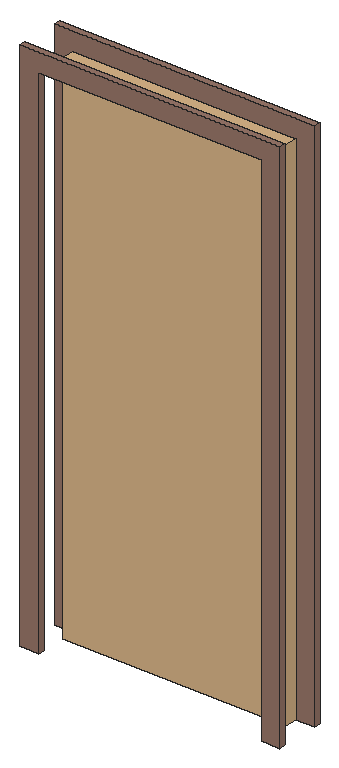
Revit family "Single-Flush", category Doors, host Wall, Revit 2023
Family settings
  Host = Wall
  OmniClass Number = 23.30.10.00
  OmniClass Title = Doors
  Always vertical = Yes
  Cut with Voids When Loaded = Yes
  Shared = Yes
  Room Calculation Point = Yes
Parameters (values of type "36" x 84"")
  Visual Light Transmittance = 0
  Thickness = 0' - 2"
  Thermal Resistance (R) = 1.5338 (h·ft²·°F)/BTU
  Solar Heat Gain Coefficient = 0
  Define Thermal Properties by = Schematic Type
  Construction Type Id = "MDOOR"
  Heat Transfer Coefficient (U) = 0.651978 BTU/(h·ft²·°F)
  Function = Interior
  Assembly Code = "C1020"
  Door Material = Door - Panel
  Frame Material = Door - Frame
  Height = 7' - 0"
  Trim Projection Ext = 0' - 1"
  Trim Projection Int = 0' - 1"
  Trim Width = 0' - 3"
  Wall Closure = By host
  Width = 3' - 0"
  Analytic Construction = "Metal"
Types (7): name | Height | Width
  36" x 84" | 7' - 0" | 3' - 0"
  34" x 84" | 7' - 0" | 2' - 10"
  32" x 84" | 7' - 0" | 2' - 8"
  30" x 84" | 7' - 0" | 2' - 6"
  30" x 80" | 6' - 8" | 2' - 6"
  36" x 80" | 6' - 8" | 3' - 0"
  34" x 80" | 6' - 8" | 2' - 10"
Reference planes (in)
  plane 1: y = 0
  plane 2: z = 0
  plane 3: x = 0
  plane 4: x = -18
  plane 5: x = 18
  plane 6: z = 84
Forms (in)
  Extrusion 1, solid, material "Door - Panel" <- "Door Material"
    sketch origin (0, 0, 0) x (1, 0, 0) y (0, 0, 1)
      loop
        line (-18, 84) -> (-18, 0) -> (18, 0) -> (18, 84) -> (-18, 84)
    from -3 to -1
  Extrusion 2, solid, material "Door - Frame" <- "Frame Material"
    sketch origin (-60, -3, 0) x (1, 0, 0) y (0, 0, 1)
      loop
        line (39, 87) -> (39, 0) -> (42, 0) -> (42, 84) -> (78, 84) -> (78, 0) -> (81, 0) -> (81, 87) -> (39, 87)
    from 0 to 1
  Extrusion 3, solid, material "Door - Frame" <- "Frame Material"
    sketch origin (-60, 3, 0) x (-1, 0, 0) y (0, 0, 1)
      loop
        line (-81, 87) -> (-81, 0) -> (-78, 0) -> (-78, 84) -> (-42, 84) -> (-42, 0) -> (-39, 0) -> (-39, 87) -> (-81, 87)
    from 0 to 1
Lines and regions (in)
  Opening 1
    outline origin (-60, -3, 144) x (0, 0, -1) y (1, 0, 0)
      loop
        line (60, 42) -> (144, 42) -> (144, 78) -> (60, 78) -> (60, 42)
  symbolic lines, style "DoorsPanelProjection"
    curve 1: line (18, 3, 0) -> (16, 3, 0)
    curve 2: line (18, 3, 0) -> (18, 39.0111, 0)
    curve 3: line (18, 39.0111, 0) -> (16, 39.0111, 0)
    curve 4: line (16, 3, 0) -> (16, 39.0111, 0)
  model lines, style "DoorsFrameMullionProjection"
    curve 5: line (-21, -3, 0) -> (-21, -3, 87)
    curve 6: line (-21, -3, 87) -> (21, -3, 87)
    curve 7: line (21, -3, 87) -> (21, -3, 0)
    curve 8: line (21, 3, 0) -> (21, 3, 87)
    curve 9: line (-21, 3, 87) -> (21, 3, 87)
    curve 10: line (-21, 3, 87) -> (-21, 3, 0)
  symbolic lines, style "Plan Swing"
    curve 11: arc (16, 39.0111, 0) -> (-8.2005, 27.78574, 0) -> (-18.06659, 3, 0) r 36.06659
  symbolic lines, style "Elevation Swing"
    curve 12: line (-18, 0, 84) -> (18, 0, 42)
    curve 13: line (-18, 0, 0) -> (18, 0, 42)
Dimensions and locks (in)
  equal spacing: plane 4, plane 3, plane 5
  "Width": plane 4 to plane 5
  locked: host wall to curve 1
  control icon elem to plane 5 = 0' - 10.29952"
  "Height": plane 6 to plane 2
  "Trim Width": plane 4 to curve 5
  "Trim Width": plane 5 to curve 7
  "Trim Width": plane 6 to curve 6
  locked: curve 9 to host wall
  "Trim Projection Ext": Extrusion 3 to host wall
  "Trim Projection Int": Extrusion 2 to host wall
  "Thickness": curve 4 to plane 5
  "Thickness": Extrusion 1 to host wall
  equal spacing: plane 6, curve 13, level
  aligned and locked: host wall to Extrusion 1
  aligned and locked: plane 2 to curve 5
  aligned and locked: curve 7 to level
  aligned and locked: curve 8 to curve 7
  aligned and locked: curve 6 to Extrusion 2 sketch curve
  aligned and locked: Extrusion 2 sketch curve to curve 5
  aligned and locked: Extrusion 2 sketch curve to curve 7
  aligned and locked: Extrusion 2 to Extrusion 3 sketch curve
  aligned and locked: Extrusion 3 sketch curve to Extrusion 2  (x2)
Automatic sketch dimensions
  Opening 1 sketch curve to plane 6 = 0' - 0"
  Opening 1 sketch curve to level = 0' - 0"
  Opening 1 sketch curve to plane 4 = 0' - 0"
  Opening 1 sketch curve to plane 5 = 0' - 0"
  Extrusion 1 sketch curve to plane 4 = 0' - 0"
  Extrusion 1 sketch curve to plane 5 = 0' - 0"
  Extrusion 1 sketch curve to level = 0' - 0"
  Extrusion 1 sketch curve to plane 6 = 0' - 0"
  Extrusion 2 sketch curve to level = 0' - 0"  (x2)
  Extrusion 2 sketch curve to plane 4 = 0' - 0"
  Extrusion 2 sketch curve to plane 5 = 0' - 0"
  Extrusion 2 sketch curve to plane 6 = 0' - 0"
  Extrusion 3 sketch curve to level = 0' - 0"  (x2)
  Extrusion 3 sketch curve to plane 5 = 0' - 0"
  Extrusion 3 sketch curve to plane 4 = 0' - 0"
  Extrusion 3 sketch curve to plane 6 = 0' - 0"
  curve 1 to plane 5 = 0' - 0"
  curve 11 to plane 5 = 0' - 0"
  plane 4 to curve 11 = 0' - 0.06659"
  curve 11 to host wall = 0' - 0"
  curve 12 to plane 4 = 0' - 0"
  curve 12 to plane 6 = 0' - 0"
  curve 13 to plane 5 = 0' - 0"
  curve 8 to level = 0' - 0"
  curve 13 to level = 0' - 0"
  curve 10 to level = 0' - 0"
  curve 13 to plane 4 = 0' - 0"
  curve 9 to curve 5 = 0' - 0"
  curve 10 to curve 5 = 0' - 0"
